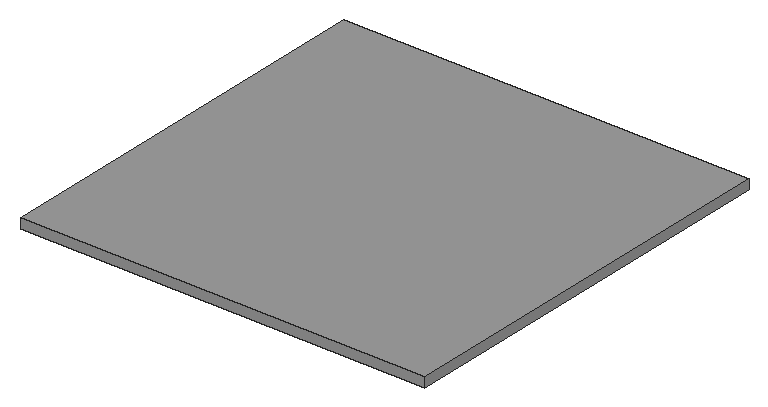
Revit family "BK-BK Inverted Roof 95mm Family", category Generic Models, host Floor, Revit 2017
Family settings
  Host = Floor
  Can host rebar = No
  Round Connector Dimension = Use Diameter
  Part Type = Normal
  Always vertical = Yes
  Cut with Voids When Loaded = No
  Shared = No
  Room Calculation Point = No
Parameters (values of type "Lambdaboard")
  Width = 4000 mm
  URL = "www.rigifoam.com"
  Type Comments = "duncan@rigifoam.com"
  Thermal Resistance = 3.9600 (m²·K)/W
  Thermal Conductivity = 0.0240 W/(m·K)
  Model = "BK/BK Inverted Roof 95mm"
  Material = Polyisocyanurate
  Manufacturer = "Lambdaboard"
  Length = 4000 mm
  Slab Thickness = 300 mm
  Description = "Flexible PIR Insulation"
  Depth = 95 mm
  Density = 40.0000 kg/m³
Reference planes
  plane 1 "Center (Front/Back)": y = 0
  plane 2: z = 0
  plane 3 "Center (Left/Right)": x = 0
Forms (mm)
  Extrusion 1, solid, material "Polyisocyanurate" <- "Material"
    sketch origin (0, 0, 0) x (1, 0, 0) y (0, 1, 0)
      loop
        line (-2000, 2000) -> (-2000, -2000) -> (2000, -2000) -> (2000, 2000) -> (-2000, 2000)
    from -300 to -395
Dimensions and locks
  "Depth": Extrusion 1 to Extrusion 1
  "Length": Extrusion 1 to Extrusion 1
  "Width": Extrusion 1 to Extrusion 1
  "Slab Thickness": plane 2 to Extrusion 1
  aligned and locked: level to plane 2
Automatic sketch dimensions
  Extrusion 1 sketch curve to plane 3 "Center (Left/Right)" = 2000 mm
  plane 3 "Center (Left/Right)" to Extrusion 1 sketch curve = 2000 mm
  plane 1 "Center (Front/Back)" to Extrusion 1 sketch curve = 2000 mm
  Extrusion 1 sketch curve to plane 1 "Center (Front/Back)" = 2000 mm
